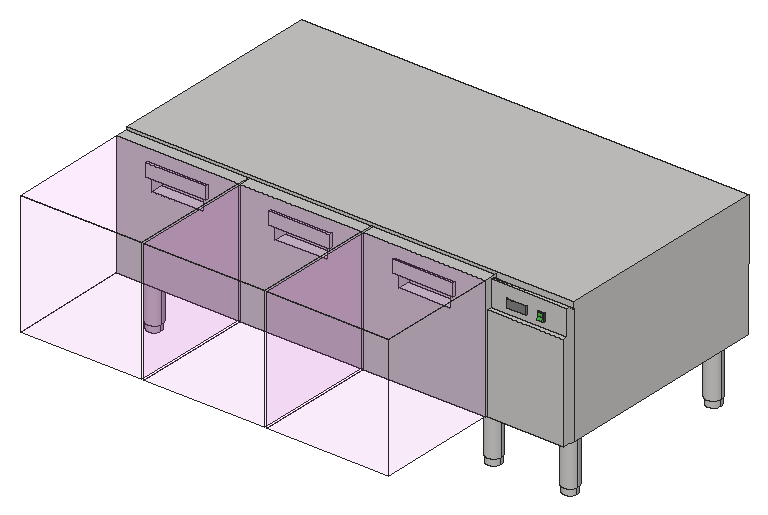
Revit family "QF_ELECTROLUXPROFESSIONAL_391604_E9TTAPCOMKN", category Specialty Equipment, Revit 2018 (continued)
Lines and regions (mm)
  Split face 146
    outline origin (966.896, -448, 142.29) x (0, 0, -1) y (1, 0, 0)
      loop
        arc (-117.004, -234.4) -> (-121.004, -238.41) -> (-116.984, -242.399) r 4
        line (-116.984, -242.399) -> (-85.025, -242.399)
  Split face 147
    outline origin (978.896, -448, 142.29) x (0, 0, -1) y (1, 0, 0)
      loop
        arc (-85.025, -242.399) -> (-81.004, -238.41) -> (-85.004, -234.4) r 4
        line (-85.004, -234.4) -> (-117.004, -234.4)
        arc (-117.004, -234.4) -> (-121.004, -238.41) -> (-116.984, -242.399) r 4
        line (-116.984, -242.399) -> (-85.025, -242.399)
  Split face 148
    outline origin (990.896, -448, 142.29) x (0, 0, -1) y (1, 0, 0)
      loop
        arc (-85.025, -242.399) -> (-81.004, -238.41) -> (-85.004, -234.4) r 4
        line (-85.004, -234.4) -> (-117.004, -234.4)
        arc (-117.004, -234.4) -> (-121.004, -238.41) -> (-116.984, -242.399) r 4
        line (-116.984, -242.399) -> (-85.025, -242.399)
  Split face 149
    outline origin (1002.896, -448, 142.29) x (0, 0, -1) y (1, 0, 0)
      loop
        arc (-85.025, -242.399) -> (-81.004, -238.41) -> (-85.004, -234.4) r 4
        line (-85.004, -234.4) -> (-117.004, -234.4)
        arc (-117.004, -234.4) -> (-121.004, -238.41) -> (-116.984, -242.399) r 4
        line (-116.984, -242.399) -> (-85.025, -242.399)
  Split face 150
    outline origin (1014.896, -448, 142.29) x (0, 0, -1) y (1, 0, 0)
      loop
        arc (-85.025, -242.399) -> (-81.004, -238.41) -> (-85.004, -234.4) r 4
        line (-85.004, -234.4) -> (-117.004, -234.4)
        arc (-117.004, -234.4) -> (-121.004, -238.41) -> (-116.984, -242.399) r 4
        line (-116.984, -242.399) -> (-85.025, -242.399)
  Split face 151
    outline origin (787, -448, 142.29) x (0, 0, -1) y (1, 0, 0)
      loop
        arc (-85.025, -240.599) -> (-81.004, -236.61) -> (-85.004, -232.599) r 4
        line (-85.004, -232.599) -> (-117.004, -232.599)
        arc (-117.004, -232.599) -> (-121.004, -236.61) -> (-116.984, -240.599) r 4
        line (-116.984, -240.599) -> (-85.025, -240.599)
  symbolic lines, style "SpecialityEquipmentHiddenLines"
    curve 1: line (-799, 380, 0) -> (799, 380, 0)
    curve 2: line (-799, -448, 0) -> (-799, 380, 0)
    curve 3: line (799, -448, 0) -> (-799, -448, 0)
    curve 4: line (799, 380, 0) -> (799, -448, 0)
    curve 17: line (-799, -403, 0) -> (799, -403, 0)
  symbolic lines, style "QF_Door-Drawer Clearances"
    curve 5: line (-779, -448, 0) -> (-779, -573, 0)
    curve 6: line (-384.999, -573, 0) -> (-384.999, -448, 0)
    curve 7: line (-336.669, -448, 0) -> (-336.669, -573, 0)
    curve 8: line (57.331, -573, 0) -> (57.331, -448, 0)
    curve 9: line (-799, -573, 0) -> (-364.999, -573, 0)
    curve 10: line (-356.669, -573, 0) -> (77.331, -573, 0)
    curve 11: line (-799, -613, 0) -> (-364.999, -613, 0)
    curve 12: line (-356.669, -613, 0) -> (77.331, -613, 0)
    curve 13: line (-364.999, -613, 0) -> (-364.999, -573, 0)
    curve 14: line (-356.669, -573, 0) -> (-356.669, -613, 0)
    curve 15: line (-799, -573, 0) -> (-799, -613, 0)
    curve 16: line (77.331, -613, 0) -> (77.331, -573, 0)
    curve 18: line (105.661, -448, 0) -> (105.661, -573, 0)
    curve 19: line (499.661, -573, 0) -> (499.661, -448, 0)
    curve 20: line (85.661, -573, 0) -> (519.661, -573, 0)
    curve 21: line (85.661, -613, 0) -> (519.661, -613, 0)
    curve 22: line (85.661, -573, 0) -> (85.661, -613, 0)
    curve 23: line (519.661, -613, 0) -> (519.661, -573, 0)
Dimensions and locks
  plane 4 to level = 200 mm
  plane 5 "TOP" to level = 650 mm
  plane 5 "TOP" to plane 4 = 450 mm
  equal spacing: plane 8 "LEFT", plane 3 "Centro (Sinistra/Destra)", plane 9 "RIGHT"
  plane 8 "LEFT" to plane 9 "RIGHT" = 1600 mm
  equal spacing: plane 6 "BACK", plane 1 "Center X", plane 7 "FRONT"
  plane 6 "BACK" to plane 7 "FRONT" = 900 mm
  plane 6 "BACK" to plane 10 = 853 mm
  locked: plane 10 to plane 11 at 45
  locked: plane 8 "LEFT" to plane 12 at 55
  locked: plane 13 to plane 9 "RIGHT" at 55
  plane 12 to plane 14 = 1216 mm
  locked: plane 22 to plane 15 at 88
  locked: plane 16 to plane 11 at 98
  locked: plane 19 to plane 9 "RIGHT" at 1
  locked: plane 8 "LEFT" to plane 18 at 1
  plane 19 to plane 17 = 513 mm
  locked: plane 6 "BACK" to plane 20 at 160
  locked: plane 21 to plane 9 "RIGHT" at 40
  locked: plane 6 "BACK" to plane 22 at 70
  locked: plane 11 to plane 7 "FRONT" at 2
  plane 15 to plane 22 = 88 mm
  plane 11 to plane 16 = 98 mm
  plane 12 to plane 8 "LEFT" = 55 mm
  plane 14 to plane 12 = 1216 mm
  aligned and locked: level to plane 2
  aligned and locked: plane 12 to nested 1
  aligned and locked: nested 1 to plane 16
  aligned and locked: nested 2 to plane 15
  aligned and locked: plane 14 to nested 3
  aligned and locked: nested 4 to plane 14
  aligned and locked: plane 13 to nested 5
  aligned and locked: nested 6 to plane 13
  aligned and locked: Extrusion 1 sketch curve to plane 10
  aligned and locked: Extrusion 2 to plane 11
  aligned and locked: plane 4 to Extrusion 5
  aligned and locked: Extrusion 1 to plane 22
  aligned and locked: plane 15 to nested 6
  aligned and locked: plane 15 to nested 4
  aligned and locked: plane 16 to nested 5
  aligned and locked: plane 16 to nested 3
  aligned and locked: nested 2 to plane 12
Automatic sketch dimensions
  Extrusion 5 sketch curve to plane 20 = 30 mm
  Extrusion 5 sketch curve to plane 21 = 0 mm
  curve 1 to plane 18 = 0 mm
  curve 11 to plane 18 = 0 mm
  curve 5 to plane 11 = 0 mm
  curve 1 to plane 19 = 0 mm
  plane 10 to curve 17 = 0 mm
  curve 2 to plane 22 = 0 mm
  curve 11 to plane 7 "FRONT" = 163 mm
  curve 11 to plane 3 "Centro (Sinistra/Destra)" = 364.999 mm
  curve 11 to curve 12 = 8.33 mm
  plane 3 "Centro (Sinistra/Destra)" to curve 16 = 77.331 mm
  curve 10 to curve 20 = 8.33 mm
  plane 14 to curve 23 = 48.661 mm
  curve 21 to plane 7 "FRONT" = 163 mm
  curve 11 to curve 14 = 0 mm
  curve 12 to curve 16 = 40 mm
  curve 11 to curve 9 = 40 mm
  curve 10 to curve 20 = 0 mm
  curve 2 to curve 5 = 20 mm
  curve 6 to curve 9 = 20 mm
  curve 6 to curve 7 = 48.33 mm
  plane 3 "Centro (Sinistra/Destra)" to curve 8 = 57.331 mm
  curve 20 to curve 18 = 20 mm
  curve 19 to curve 20 = 20 mm
  Extrusion 1 sketch curve to plane 19 = 0 mm
  Extrusion 1 sketch curve to plane 18 = 0 mm
  plane 22 to Extrusion 1 sketch curve = 0 mm
  Extrusion 2 sketch curve to plane 18 = 0 mm
  plane 12 to Extrusion 2 sketch curve = 69.7 mm
  Extrusion 2 sketch curve to Extrusion 2 sketch curve = 186.601 mm
  Extrusion 2 sketch curve to plane 5 "TOP" = 9.006 mm
  Extrusion 2 sketch curve to Extrusion 2 sketch curve = 123.7 mm
  Extrusion 2 sketch curve to plane 5 "TOP" = 65 mm
  Extrusion 2 sketch curve to Extrusion 2 sketch curve = 78.294 mm
  plane 4 to Extrusion 2 sketch curve = 1.587 mm
  Extrusion 2 to Extrusion 3 sketch curve = 0 mm
  Extrusion 3 sketch curve to Extrusion 2 = 0 mm  (x3)
  Extrusion 4 sketch curve to Extrusion 2 = 15 mm  (x2)
  Extrusion 2 to Extrusion 4 sketch curve = 31.031 mm
  Extrusion 4 sketch curve to Extrusion 2 = 13.969 mm
  Extrusion 6 sketch curve to plane 11 = 0 mm
  Extrusion 6 sketch curve to plane 4 = 0 mm
  Extrusion 6 sketch curve to plane 10 = 0 mm
  plane 11 to Extrusion 6 sketch curve = 16.901 mm
  Extrusion 6 sketch curve to Extrusion 6 sketch curve = 11.336 mm
  plane 4 to Extrusion 6 sketch curve = 4.796 mm
  Extrusion 6 sketch curve to plane 10 = 15.163 mm
  Extrusion 6 sketch curve to plane 10 = 5.442 mm
  Extrusion 6 sketch curve to plane 5 "TOP" = 100.204 mm
  Extrusion 6 sketch curve to plane 5 "TOP" = 20.473 mm
  Extrusion 6 sketch curve to plane 5 "TOP" = 9.006 mm
  Extrusion 6 to Extrusion 7 sketch curve = 42.198 mm
  Extrusion 7 sketch curve to Extrusion 6 = 20 mm
  Extrusion 6 to Extrusion 7 sketch curve = 102.899 mm
  Extrusion 7 sketch curve to Extrusion 7 sketch curve = 22 mm
  Extrusion 6 to Extrusion 8 sketch curve = 42.198 mm
  Extrusion 8 sketch curve to Extrusion 6 = 20 mm
  Extrusion 6 to Extrusion 8 sketch curve = 54.901 mm
  Extrusion 8 sketch curve to Extrusion 8 sketch curve = 70 mm
  Split face 1 sketch curve to Extrusion 8 = 5 mm
  Split face 1 sketch curve to Extrusion 8 = 9 mm
  Split face 1 sketch curve to Extrusion 8 = 10 mm  (x2)
  Split face 2 sketch curve to Extrusion 8 = 12.5 mm
  Split face 2 sketch curve to Extrusion 8 = 7 mm
  Split face 3 sketch curve to Extrusion 8 = 7.5 mm
  Split face 3 sketch curve to Extrusion 8 = 7 mm
  Split face 4 sketch curve to Extrusion 8 = 11.5 mm
  Split face 4 sketch curve to Extrusion 8 = 7 mm
  Split face 5 sketch curve to Extrusion 8 = 7.5 mm
  Split face 5 sketch curve to Extrusion 8 = 7 mm
  Split face 6 sketch curve to Extrusion 8 = 12.5 mm
  Split face 6 sketch curve to Extrusion 8 = 7 mm
  Split face 7 sketch curve to Extrusion 8 = 11.5 mm
  Split face 7 sketch curve to Extrusion 8 = 7 mm
  Split face 8 sketch curve to Extrusion 8 = 7.047 mm
  Split face 8 sketch curve to Extrusion 8 = 2.047 mm
  Split face 8 sketch curve to Extrusion 8 = 10 mm
  Split face 8 sketch curve to Split face 8 sketch curve = 11 mm
  Split face 9 sketch curve to Extrusion 8 = 7.047 mm
  Split face 9 sketch curve to Extrusion 8 = 2.047 mm
  Split face 9 sketch curve to Extrusion 8 = 23 mm
  Split face 9 sketch curve to Split face 9 sketch curve = 11 mm
  Split face 10 sketch curve to Extrusion 8 = 7.047 mm
  Split face 10 sketch curve to Extrusion 8 = 2.047 mm
  Split face 10 sketch curve to Extrusion 8 = 34 mm
  Split face 10 sketch curve to Split face 10 sketch curve = 11 mm
  Split face 11 sketch curve to Extrusion 8 = 7.047 mm
  Split face 11 sketch curve to Extrusion 8 = 2.047 mm
  Split face 11 sketch curve to Extrusion 8 = 21 mm
  Split face 11 sketch curve to Extrusion 8 = 10 mm
  Extrusion 9 sketch curve to Extrusion 9 sketch curve = 0 mm  (x3)
  Extrusion 9 sketch curve to Extrusion 7 = 0 mm
  Extrusion 7 to Extrusion 9 sketch curve = 2.279 mm
  Extrusion 9 sketch curve to Extrusion 9 sketch curve = 0.116 mm
  Extrusion 9 sketch curve to Extrusion 9 sketch curve = 12.105 mm
  Extrusion 7 to Extrusion 9 sketch curve = 3.692 mm
  Extrusion 7 to Extrusion 9 sketch curve = 2.395 mm
  Split face 12 sketch curve to Extrusion 6 = 20.5 mm
  Split face 12 sketch curve to Split face 12 sketch curve = 0.02 mm  (x2)
  Split face 12 sketch curve to Split face 12 sketch curve = 31.959 mm
  Split face 12 sketch curve to Extrusion 6 = 30.401 mm
  Split face 12 sketch curve to Split face 12 sketch curve = 4 mm
  Split face 13 sketch curve to Extrusion 6 = 20.5 mm
  Split face 13 sketch curve to Split face 13 sketch curve = 0.02 mm  (x2)
  Split face 13 sketch curve to Split face 13 sketch curve = 31.959 mm
  Split face 13 sketch curve to Extrusion 6 = 42.4 mm
  Split face 13 sketch curve to Split face 13 sketch curve = 4 mm
  Split face 14 sketch curve to Extrusion 6 = 20.5 mm
  Split face 14 sketch curve to Split face 14 sketch curve = 0.02 mm  (x2)
  Split face 14 sketch curve to Split face 14 sketch curve = 31.959 mm
  Split face 14 sketch curve to Extrusion 6 = 54.4 mm
  Split face 14 sketch curve to Split face 14 sketch curve = 4 mm
  Split face 15 sketch curve to Extrusion 6 = 20.5 mm
  Split face 15 sketch curve to Split face 15 sketch curve = 0.02 mm  (x2)
  Split face 15 sketch curve to Split face 15 sketch curve = 31.959 mm
  Split face 15 sketch curve to Extrusion 6 = 66.297 mm
  Split face 15 sketch curve to Split face 15 sketch curve = 4 mm
  Split face 16 sketch curve to Extrusion 6 = 20.5 mm
  Split face 16 sketch curve to Split face 16 sketch curve = 0.02 mm  (x2)
  Split face 16 sketch curve to Split face 16 sketch curve = 31.959 mm
  Split face 16 sketch curve to Extrusion 6 = 78.297 mm
  Split face 16 sketch curve to Split face 16 sketch curve = 4 mm
  Split face 17 sketch curve to Extrusion 6 = 20.5 mm
  Split face 17 sketch curve to Split face 17 sketch curve = 0.02 mm  (x2)
  Split face 17 sketch curve to Split face 17 sketch curve = 31.959 mm
  Split face 17 sketch curve to Extrusion 6 = 90.297 mm
  Split face 17 sketch curve to Split face 17 sketch curve = 4 mm
  Split face 18 sketch curve to Extrusion 6 = 20.5 mm
  Split face 18 sketch curve to Split face 18 sketch curve = 0.02 mm  (x2)
  Split face 18 sketch curve to Split face 18 sketch curve = 31.959 mm
  Split face 18 sketch curve to Extrusion 6 = 102.297 mm
  Split face 18 sketch curve to Split face 18 sketch curve = 4 mm
  Split face 19 sketch curve to Extrusion 6 = 20.5 mm
  Split face 19 sketch curve to Split face 19 sketch curve = 0.02 mm  (x2)
  Split face 19 sketch curve to Split face 19 sketch curve = 31.959 mm
  Split face 19 sketch curve to Extrusion 6 = 114.297 mm
  Split face 19 sketch curve to Split face 19 sketch curve = 4 mm
  Split face 20 sketch curve to Extrusion 6 = 20.5 mm
  Split face 20 sketch curve to Split face 20 sketch curve = 0.02 mm  (x2)
  Split face 20 sketch curve to Split face 20 sketch curve = 31.959 mm
  Split face 20 sketch curve to Extrusion 6 = 126.297 mm
  Split face 20 sketch curve to Split face 20 sketch curve = 4 mm
  Split face 21 sketch curve to Extrusion 6 = 20.5 mm
  Split face 21 sketch curve to Split face 21 sketch curve = 0.02 mm  (x2)
  Split face 21 sketch curve to Split face 21 sketch curve = 31.959 mm
  Split face 21 sketch curve to Extrusion 6 = 134.503 mm
  Split face 21 sketch curve to Split face 21 sketch curve = 4 mm
  Split face 22 sketch curve to Extrusion 6 = 20.5 mm
  Split face 22 sketch curve to Split face 22 sketch curve = 0.02 mm  (x2)
  Split face 22 sketch curve to Split face 22 sketch curve = 31.959 mm
  Split face 22 sketch curve to Extrusion 6 = 122.504 mm
  Split face 22 sketch curve to Split face 22 sketch curve = 4 mm
  Split face 23 sketch curve to Extrusion 6 = 20.5 mm
  Split face 23 sketch curve to Split face 23 sketch curve = 0.02 mm  (x2)
  Split face 23 sketch curve to Split face 23 sketch curve = 31.959 mm
  Split face 23 sketch curve to Extrusion 6 = 110.503 mm
  Split face 23 sketch curve to Split face 23 sketch curve = 4 mm
  Split face 24 sketch curve to Extrusion 6 = 20.5 mm
  Split face 24 sketch curve to Split face 24 sketch curve = 0.02 mm  (x2)
  Split face 24 sketch curve to Split face 24 sketch curve = 31.959 mm
  Split face 24 sketch curve to Extrusion 6 = 98.503 mm
  Split face 24 sketch curve to Split face 24 sketch curve = 4 mm
  Split face 25 sketch curve to Extrusion 6 = 20.5 mm
  Split face 25 sketch curve to Split face 25 sketch curve = 0.02 mm  (x2)
  Split face 25 sketch curve to Split face 25 sketch curve = 31.959 mm
  Split face 25 sketch curve to Extrusion 6 = 86.503 mm
  Split face 25 sketch curve to Split face 25 sketch curve = 4 mm
  Split face 26 sketch curve to Extrusion 6 = 20.5 mm
  Split face 26 sketch curve to Split face 26 sketch curve = 0.02 mm  (x2)
  Split face 26 sketch curve to Split face 26 sketch curve = 31.959 mm
  Split face 26 sketch curve to Extrusion 6 = 74.504 mm
  Split face 26 sketch curve to Split face 26 sketch curve = 4 mm
  Split face 27 sketch curve to Extrusion 6 = 20.5 mm
  Split face 27 sketch curve to Split face 27 sketch curve = 0.02 mm  (x2)
  Split face 27 sketch curve to Split face 27 sketch curve = 31.959 mm
  Split face 27 sketch curve to Extrusion 6 = 62.503 mm
  Split face 27 sketch curve to Split face 27 sketch curve = 4 mm
  Split face 28 sketch curve to Extrusion 6 = 20.5 mm
  Split face 28 sketch curve to Split face 28 sketch curve = 0.02 mm  (x2)
  Split face 28 sketch curve to Split face 28 sketch curve = 31.959 mm
  Split face 28 sketch curve to Extrusion 6 = 50.504 mm
  Split face 28 sketch curve to Split face 28 sketch curve = 4 mm
  Split face 29 sketch curve to Extrusion 6 = 20.5 mm
  Split face 29 sketch curve to Split face 29 sketch curve = 0.02 mm  (x2)
  Split face 29 sketch curve to Split face 29 sketch curve = 31.959 mm
  Split face 29 sketch curve to Extrusion 6 = 38.504 mm
  Split face 29 sketch curve to Split face 29 sketch curve = 4 mm
  Split face 30 sketch curve to Extrusion 6 = 20.5 mm
  Split face 30 sketch curve to Split face 30 sketch curve = 0.02 mm  (x2)
  Split face 30 sketch curve to Split face 30 sketch curve = 31.959 mm
  Split face 30 sketch curve to Extrusion 6 = 26.504 mm
  Split face 30 sketch curve to Split face 30 sketch curve = 4 mm
  Split face 31 sketch curve to Extrusion 6 = 20.5 mm
  Split face 31 sketch curve to Split face 31 sketch curve = 0.02 mm  (x2)
  Split face 31 sketch curve to Split face 31 sketch curve = 31.959 mm
  Split face 31 sketch curve to Extrusion 6 = 18.401 mm
  Split face 31 sketch curve to Split face 31 sketch curve = 4 mm
  Split face 32 sketch curve to Extrusion 6 = 65.502 mm
  Split face 32 sketch curve to Split face 32 sketch curve = 0.02 mm  (x2)
  Split face 32 sketch curve to Split face 32 sketch curve = 31.959 mm
  Split face 32 sketch curve to Extrusion 6 = 30.401 mm
  Split face 32 sketch curve to Split face 32 sketch curve = 4 mm
  Split face 33 sketch curve to Extrusion 6 = 65.502 mm
  Split face 33 sketch curve to Split face 33 sketch curve = 0.02 mm  (x2)
  Split face 33 sketch curve to Split face 33 sketch curve = 31.959 mm
  Split face 33 sketch curve to Extrusion 6 = 42.4 mm
  Split face 33 sketch curve to Split face 33 sketch curve = 4 mm
  Split face 34 sketch curve to Extrusion 6 = 65.502 mm
  Split face 34 sketch curve to Split face 34 sketch curve = 0.02 mm  (x2)
  Split face 34 sketch curve to Split face 34 sketch curve = 31.959 mm
  Split face 34 sketch curve to Extrusion 6 = 54.4 mm
  Split face 34 sketch curve to Split face 34 sketch curve = 4 mm
  Split face 35 sketch curve to Extrusion 6 = 65.502 mm
  Split face 35 sketch curve to Split face 35 sketch curve = 0.02 mm  (x2)
  Split face 35 sketch curve to Split face 35 sketch curve = 31.959 mm
  Split face 35 sketch curve to Extrusion 6 = 66.297 mm
  Split face 35 sketch curve to Split face 35 sketch curve = 4 mm
  Split face 36 sketch curve to Extrusion 6 = 65.502 mm
  Split face 36 sketch curve to Split face 36 sketch curve = 0.02 mm  (x2)
  Split face 36 sketch curve to Split face 36 sketch curve = 31.959 mm
  Split face 36 sketch curve to Extrusion 6 = 78.297 mm
  Split face 36 sketch curve to Split face 36 sketch curve = 4 mm
  Split face 37 sketch curve to Extrusion 6 = 65.502 mm
  Split face 37 sketch curve to Split face 37 sketch curve = 0.02 mm  (x2)
  Split face 37 sketch curve to Split face 37 sketch curve = 31.959 mm
  Split face 37 sketch curve to Extrusion 6 = 90.297 mm
  Split face 37 sketch curve to Split face 37 sketch curve = 4 mm
  Split face 38 sketch curve to Extrusion 6 = 65.502 mm
  Split face 38 sketch curve to Split face 38 sketch curve = 0.02 mm  (x2)
  Split face 38 sketch curve to Split face 38 sketch curve = 31.959 mm
  Split face 38 sketch curve to Extrusion 6 = 102.297 mm
  Split face 38 sketch curve to Split face 38 sketch curve = 4 mm
  Split face 39 sketch curve to Extrusion 6 = 65.502 mm
  Split face 39 sketch curve to Split face 39 sketch curve = 0.02 mm  (x2)
  Split face 39 sketch curve to Split face 39 sketch curve = 31.959 mm
  Split face 39 sketch curve to Extrusion 6 = 114.297 mm
  Split face 39 sketch curve to Split face 39 sketch curve = 4 mm
  Split face 40 sketch curve to Extrusion 6 = 65.502 mm
  Split face 40 sketch curve to Split face 40 sketch curve = 0.02 mm  (x2)
  Split face 40 sketch curve to Split face 40 sketch curve = 31.959 mm
  Split face 40 sketch curve to Extrusion 6 = 126.297 mm
  Split face 40 sketch curve to Split face 40 sketch curve = 4 mm
  Split face 41 sketch curve to Extrusion 6 = 65.502 mm
  Split face 41 sketch curve to Split face 41 sketch curve = 0.02 mm  (x2)
  Split face 41 sketch curve to Split face 41 sketch curve = 31.959 mm
  Split face 41 sketch curve to Extrusion 6 = 134.503 mm
  Split face 41 sketch curve to Split face 41 sketch curve = 4 mm
  Split face 42 sketch curve to Extrusion 6 = 65.502 mm
  Split face 42 sketch curve to Split face 42 sketch curve = 0.02 mm  (x2)
  Split face 42 sketch curve to Split face 42 sketch curve = 31.959 mm
  Split face 42 sketch curve to Extrusion 6 = 122.504 mm
  Split face 42 sketch curve to Split face 42 sketch curve = 4 mm
  Split face 43 sketch curve to Extrusion 6 = 65.502 mm
  Split face 43 sketch curve to Split face 43 sketch curve = 0.02 mm  (x2)
  Split face 43 sketch curve to Split face 43 sketch curve = 31.959 mm
  Split face 43 sketch curve to Extrusion 6 = 110.503 mm
  Split face 43 sketch curve to Split face 43 sketch curve = 4 mm
  Split face 44 sketch curve to Extrusion 6 = 65.502 mm
  Split face 44 sketch curve to Split face 44 sketch curve = 0.02 mm  (x2)
  Split face 44 sketch curve to Split face 44 sketch curve = 31.959 mm
  Split face 44 sketch curve to Extrusion 6 = 98.503 mm
  Split face 44 sketch curve to Split face 44 sketch curve = 4 mm
  Split face 45 sketch curve to Extrusion 6 = 65.502 mm
  Split face 45 sketch curve to Split face 45 sketch curve = 0.02 mm  (x2)
  Split face 45 sketch curve to Split face 45 sketch curve = 31.959 mm
  Split face 45 sketch curve to Extrusion 6 = 86.503 mm
  Split face 45 sketch curve to Split face 45 sketch curve = 4 mm
  Split face 46 sketch curve to Extrusion 6 = 65.502 mm
  Split face 46 sketch curve to Split face 46 sketch curve = 0.02 mm  (x2)
  Split face 46 sketch curve to Split face 46 sketch curve = 31.959 mm
  Split face 46 sketch curve to Extrusion 6 = 74.504 mm
  Split face 46 sketch curve to Split face 46 sketch curve = 4 mm
  Split face 47 sketch curve to Extrusion 6 = 65.502 mm
  Split face 47 sketch curve to Split face 47 sketch curve = 0.02 mm  (x2)
  Split face 47 sketch curve to Split face 47 sketch curve = 31.959 mm
  Split face 47 sketch curve to Extrusion 6 = 62.503 mm
  Split face 47 sketch curve to Split face 47 sketch curve = 4 mm
  Split face 48 sketch curve to Extrusion 6 = 65.502 mm
  Split face 48 sketch curve to Split face 48 sketch curve = 0.02 mm  (x2)
  Split face 48 sketch curve to Split face 48 sketch curve = 31.959 mm
  Split face 48 sketch curve to Extrusion 6 = 50.504 mm
  Split face 48 sketch curve to Split face 48 sketch curve = 4 mm
  Split face 49 sketch curve to Extrusion 6 = 65.502 mm
  Split face 49 sketch curve to Split face 49 sketch curve = 0.02 mm  (x2)
  Split face 49 sketch curve to Split face 49 sketch curve = 31.959 mm
  Split face 49 sketch curve to Extrusion 6 = 38.504 mm
  Split face 49 sketch curve to Split face 49 sketch curve = 4 mm
  Split face 50 sketch curve to Extrusion 6 = 22.504 mm
  Split face 50 sketch curve to Extrusion 6 = 65.502 mm
  Split face 50 sketch curve to Split face 50 sketch curve = 0.02 mm  (x2)
  Split face 50 sketch curve to Split face 50 sketch curve = 31.959 mm
  Split face 50 sketch curve to Split face 50 sketch curve = 4 mm
  Split face 51 sketch curve to Extrusion 6 = 22.401 mm
  Split face 51 sketch curve to Extrusion 6 = 65.502 mm
  Split face 51 sketch curve to Split face 51 sketch curve = 0.02 mm  (x2)
  Split face 51 sketch curve to Split face 51 sketch curve = 31.959 mm
  Split face 51 sketch curve to Split face 51 sketch curve = 4 mm
  Split face 52 sketch curve to Extrusion 6 = 34.401 mm
  Split face 52 sketch curve to Extrusion 6 = 110.502 mm
  Split face 52 sketch curve to Split face 52 sketch curve = 0.02 mm  (x2)
  Split face 52 sketch curve to Split face 52 sketch curve = 31.959 mm
  Split face 52 sketch curve to Split face 52 sketch curve = 4 mm
  Split face 53 sketch curve to Extrusion 6 = 46.4 mm
  Split face 53 sketch curve to Extrusion 6 = 110.502 mm
  Split face 53 sketch curve to Split face 53 sketch curve = 0.02 mm  (x2)
  Split face 53 sketch curve to Split face 53 sketch curve = 31.959 mm
  Split face 53 sketch curve to Split face 53 sketch curve = 4 mm
  Split face 54 sketch curve to Extrusion 6 = 110.502 mm
  Split face 54 sketch curve to Split face 54 sketch curve = 0.02 mm  (x2)
  Split face 54 sketch curve to Split face 54 sketch curve = 31.959 mm
  Split face 54 sketch curve to Extrusion 6 = 54.4 mm
  Split face 54 sketch curve to Split face 54 sketch curve = 4 mm
  Split face 55 sketch curve to Extrusion 6 = 110.502 mm
  Split face 55 sketch curve to Split face 55 sketch curve = 0.02 mm  (x2)
  Split face 55 sketch curve to Split face 55 sketch curve = 31.959 mm
  Split face 55 sketch curve to Extrusion 6 = 66.297 mm
  Split face 55 sketch curve to Split face 55 sketch curve = 4 mm
  Split face 56 sketch curve to Extrusion 6 = 110.502 mm
  Split face 56 sketch curve to Split face 56 sketch curve = 0.02 mm  (x2)
  Split face 56 sketch curve to Split face 56 sketch curve = 31.959 mm
  Split face 56 sketch curve to Extrusion 6 = 78.297 mm
  Split face 56 sketch curve to Split face 56 sketch curve = 4 mm
  Split face 57 sketch curve to Extrusion 6 = 110.502 mm
  Split face 57 sketch curve to Split face 57 sketch curve = 0.02 mm  (x2)
  Split face 57 sketch curve to Split face 57 sketch curve = 31.959 mm
  Split face 57 sketch curve to Extrusion 6 = 90.297 mm
  Split face 57 sketch curve to Split face 57 sketch curve = 4 mm
  Split face 58 sketch curve to Extrusion 6 = 110.502 mm
  Split face 58 sketch curve to Split face 58 sketch curve = 0.02 mm  (x2)
  Split face 58 sketch curve to Split face 58 sketch curve = 31.959 mm
  Split face 58 sketch curve to Extrusion 6 = 102.297 mm
  Split face 58 sketch curve to Split face 58 sketch curve = 4 mm
  Split face 59 sketch curve to Extrusion 6 = 110.502 mm
  Split face 59 sketch curve to Split face 59 sketch curve = 0.02 mm  (x2)
  Split face 59 sketch curve to Split face 59 sketch curve = 31.959 mm
  Split face 59 sketch curve to Extrusion 6 = 114.297 mm
  Split face 59 sketch curve to Split face 59 sketch curve = 4 mm
  Split face 60 sketch curve to Extrusion 6 = 110.502 mm
  Split face 60 sketch curve to Split face 60 sketch curve = 0.02 mm  (x2)
  Split face 60 sketch curve to Split face 60 sketch curve = 31.959 mm
  Split face 60 sketch curve to Extrusion 6 = 126.297 mm
  Split face 60 sketch curve to Split face 60 sketch curve = 4 mm
  Split face 61 sketch curve to Extrusion 6 = 110.502 mm
  Split face 61 sketch curve to Split face 61 sketch curve = 0.02 mm  (x2)
  Split face 61 sketch curve to Split face 61 sketch curve = 31.959 mm
  Split face 61 sketch curve to Extrusion 6 = 134.503 mm
  Split face 61 sketch curve to Split face 61 sketch curve = 4 mm
  Split face 62 sketch curve to Extrusion 6 = 110.502 mm
  Split face 62 sketch curve to Split face 62 sketch curve = 0.02 mm  (x2)
  Split face 62 sketch curve to Split face 62 sketch curve = 31.959 mm
  Split face 62 sketch curve to Extrusion 6 = 122.504 mm
  Split face 62 sketch curve to Split face 62 sketch curve = 4 mm
  Split face 63 sketch curve to Extrusion 6 = 110.502 mm
  Split face 63 sketch curve to Split face 63 sketch curve = 0.02 mm  (x2)
  Split face 63 sketch curve to Split face 63 sketch curve = 31.959 mm
  Split face 63 sketch curve to Extrusion 6 = 110.503 mm
  Split face 63 sketch curve to Split face 63 sketch curve = 4 mm
  Split face 64 sketch curve to Extrusion 6 = 110.502 mm
  Split face 64 sketch curve to Split face 64 sketch curve = 0.02 mm  (x2)
  Split face 64 sketch curve to Split face 64 sketch curve = 31.959 mm
  Split face 64 sketch curve to Extrusion 6 = 98.503 mm
  Split face 64 sketch curve to Split face 64 sketch curve = 4 mm
  Split face 65 sketch curve to Extrusion 6 = 110.502 mm
  Split face 65 sketch curve to Split face 65 sketch curve = 0.02 mm  (x2)
  Split face 65 sketch curve to Split face 65 sketch curve = 31.959 mm
  Split face 65 sketch curve to Extrusion 6 = 86.503 mm
  Split face 65 sketch curve to Split face 65 sketch curve = 4 mm
  Split face 66 sketch curve to Extrusion 6 = 110.502 mm
  Split face 66 sketch curve to Split face 66 sketch curve = 0.02 mm  (x2)
  Split face 66 sketch curve to Split face 66 sketch curve = 31.959 mm
  Split face 66 sketch curve to Extrusion 6 = 74.504 mm
  Split face 66 sketch curve to Split face 66 sketch curve = 4 mm
  Split face 67 sketch curve to Extrusion 6 = 110.502 mm
  Split face 67 sketch curve to Split face 67 sketch curve = 0.02 mm  (x2)
  Split face 67 sketch curve to Split face 67 sketch curve = 31.959 mm
  Split face 67 sketch curve to Extrusion 6 = 62.503 mm
  Split face 67 sketch curve to Split face 67 sketch curve = 4 mm
  Split face 68 sketch curve to Extrusion 6 = 46.504 mm
  Split face 68 sketch curve to Extrusion 6 = 110.502 mm
  Split face 68 sketch curve to Split face 68 sketch curve = 0.02 mm  (x2)
  Split face 68 sketch curve to Split face 68 sketch curve = 31.959 mm
  Split face 68 sketch curve to Split face 68 sketch curve = 4 mm
  Split face 69 sketch curve to Extrusion 6 = 34.504 mm
  Split face 69 sketch curve to Extrusion 6 = 110.502 mm
  Split face 69 sketch curve to Split face 69 sketch curve = 0.02 mm  (x2)
  Split face 69 sketch curve to Split face 69 sketch curve = 31.959 mm
  Split face 69 sketch curve to Split face 69 sketch curve = 4 mm
  Split face 70 sketch curve to Extrusion 6 = 22.504 mm
  Split face 70 sketch curve to Extrusion 6 = 110.502 mm
  Split face 70 sketch curve to Split face 70 sketch curve = 0.02 mm  (x2)
  Split face 70 sketch curve to Split face 70 sketch curve = 31.959 mm
  Split face 70 sketch curve to Split face 70 sketch curve = 4 mm
  Split face 71 sketch curve to Extrusion 6 = 22.401 mm
  Split face 71 sketch curve to Extrusion 6 = 110.502 mm
  Split face 71 sketch curve to Split face 71 sketch curve = 0.02 mm  (x2)
  Split face 71 sketch curve to Split face 71 sketch curve = 31.959 mm
  Split face 71 sketch curve to Split face 71 sketch curve = 4 mm
  Split face 72 sketch curve to Extrusion 6 = 34.401 mm
  Split face 72 sketch curve to Extrusion 6 = 155.502 mm
  Split face 72 sketch curve to Split face 72 sketch curve = 0.02 mm  (x2)
  Split face 72 sketch curve to Split face 72 sketch curve = 31.959 mm
  Split face 72 sketch curve to Split face 72 sketch curve = 4 mm
  Split face 73 sketch curve to Extrusion 6 = 46.4 mm
  Split face 73 sketch curve to Extrusion 6 = 155.502 mm
  Split face 73 sketch curve to Split face 73 sketch curve = 0.02 mm  (x2)
  Split face 73 sketch curve to Split face 73 sketch curve = 31.959 mm
  Split face 73 sketch curve to Split face 73 sketch curve = 4 mm
  Split face 74 sketch curve to Extrusion 6 = 58.4 mm
  Split face 74 sketch curve to Extrusion 6 = 155.502 mm
  Split face 74 sketch curve to Split face 74 sketch curve = 0.02 mm  (x2)
  Split face 74 sketch curve to Split face 74 sketch curve = 31.959 mm
  Split face 74 sketch curve to Split face 74 sketch curve = 4 mm
  Split face 75 sketch curve to Extrusion 6 = 70.297 mm
  Split face 75 sketch curve to Extrusion 6 = 155.502 mm
  Split face 75 sketch curve to Split face 75 sketch curve = 0.02 mm  (x2)
  Split face 75 sketch curve to Split face 75 sketch curve = 31.959 mm
  Split face 75 sketch curve to Split face 75 sketch curve = 4 mm
  Split face 76 sketch curve to Extrusion 6 = 155.502 mm
  Split face 76 sketch curve to Split face 76 sketch curve = 0.02 mm  (x2)
  Split face 76 sketch curve to Split face 76 sketch curve = 31.959 mm
  Split face 76 sketch curve to Extrusion 6 = 78.297 mm
  Split face 76 sketch curve to Split face 76 sketch curve = 4 mm
  Split face 77 sketch curve to Extrusion 6 = 155.502 mm
  Split face 77 sketch curve to Split face 77 sketch curve = 0.02 mm  (x2)
  Split face 77 sketch curve to Split face 77 sketch curve = 31.959 mm
  Split face 77 sketch curve to Extrusion 6 = 90.297 mm
  Split face 77 sketch curve to Split face 77 sketch curve = 4 mm
  Split face 78 sketch curve to Extrusion 6 = 155.502 mm
  Split face 78 sketch curve to Split face 78 sketch curve = 0.02 mm  (x2)
  Split face 78 sketch curve to Split face 78 sketch curve = 31.959 mm
  Split face 78 sketch curve to Extrusion 6 = 102.297 mm
  Split face 78 sketch curve to Split face 78 sketch curve = 4 mm
  Split face 79 sketch curve to Extrusion 6 = 155.502 mm
  Split face 79 sketch curve to Split face 79 sketch curve = 0.02 mm  (x2)
  Split face 79 sketch curve to Split face 79 sketch curve = 31.959 mm
  Split face 79 sketch curve to Extrusion 6 = 114.297 mm
  Split face 79 sketch curve to Split face 79 sketch curve = 4 mm
  Split face 80 sketch curve to Extrusion 6 = 155.502 mm
  Split face 80 sketch curve to Split face 80 sketch curve = 0.02 mm  (x2)
  Split face 80 sketch curve to Split face 80 sketch curve = 31.959 mm
  Split face 80 sketch curve to Extrusion 6 = 126.297 mm
  Split face 80 sketch curve to Split face 80 sketch curve = 4 mm
  Split face 81 sketch curve to Extrusion 6 = 155.502 mm
  Split face 81 sketch curve to Split face 81 sketch curve = 0.02 mm  (x2)
  Split face 81 sketch curve to Split face 81 sketch curve = 31.959 mm
  Split face 81 sketch curve to Extrusion 6 = 134.503 mm
  Split face 81 sketch curve to Split face 81 sketch curve = 4 mm
  Split face 82 sketch curve to Extrusion 6 = 155.502 mm
  Split face 82 sketch curve to Split face 82 sketch curve = 0.02 mm  (x2)
  Split face 82 sketch curve to Split face 82 sketch curve = 31.959 mm
  Split face 82 sketch curve to Extrusion 6 = 122.504 mm
  Split face 82 sketch curve to Split face 82 sketch curve = 4 mm
  Split face 83 sketch curve to Extrusion 6 = 155.502 mm
  Split face 83 sketch curve to Split face 83 sketch curve = 0.02 mm  (x2)
  Split face 83 sketch curve to Split face 83 sketch curve = 31.959 mm
  Split face 83 sketch curve to Extrusion 6 = 110.503 mm
  Split face 83 sketch curve to Split face 83 sketch curve = 4 mm
  Split face 84 sketch curve to Extrusion 6 = 155.502 mm
  Split face 84 sketch curve to Split face 84 sketch curve = 0.02 mm  (x2)
  Split face 84 sketch curve to Split face 84 sketch curve = 31.959 mm
  Split face 84 sketch curve to Extrusion 6 = 98.503 mm
  Split face 84 sketch curve to Split face 84 sketch curve = 4 mm
  Split face 85 sketch curve to Extrusion 6 = 155.502 mm
  Split face 85 sketch curve to Split face 85 sketch curve = 0.02 mm  (x2)
  Split face 85 sketch curve to Split face 85 sketch curve = 31.959 mm
  Split face 85 sketch curve to Extrusion 6 = 86.503 mm
  Split face 85 sketch curve to Split face 85 sketch curve = 4 mm
  Split face 86 sketch curve to Extrusion 6 = 70.504 mm
  Split face 86 sketch curve to Extrusion 6 = 155.502 mm
  Split face 86 sketch curve to Split face 86 sketch curve = 0.02 mm  (x2)
  Split face 86 sketch curve to Split face 86 sketch curve = 31.959 mm
  Split face 86 sketch curve to Split face 86 sketch curve = 4 mm
  Split face 87 sketch curve to Extrusion 6 = 58.503 mm
  Split face 87 sketch curve to Extrusion 6 = 155.502 mm
  Split face 87 sketch curve to Split face 87 sketch curve = 0.02 mm  (x2)
  Split face 87 sketch curve to Split face 87 sketch curve = 31.959 mm
  Split face 87 sketch curve to Split face 87 sketch curve = 4 mm
  Split face 88 sketch curve to Extrusion 6 = 46.504 mm
  Split face 88 sketch curve to Extrusion 6 = 155.502 mm
  Split face 88 sketch curve to Split face 88 sketch curve = 0.02 mm  (x2)
  Split face 88 sketch curve to Split face 88 sketch curve = 31.959 mm
  Split face 88 sketch curve to Split face 88 sketch curve = 4 mm
  Split face 89 sketch curve to Extrusion 6 = 34.504 mm
  Split face 89 sketch curve to Extrusion 6 = 155.502 mm
  Split face 89 sketch curve to Split face 89 sketch curve = 0.02 mm  (x2)
  Split face 89 sketch curve to Split face 89 sketch curve = 31.959 mm
  Split face 89 sketch curve to Split face 89 sketch curve = 4 mm
  Split face 90 sketch curve to Extrusion 6 = 22.504 mm
  Split face 90 sketch curve to Extrusion 6 = 155.502 mm
  Split face 90 sketch curve to Split face 90 sketch curve = 0.02 mm  (x2)
  Split face 90 sketch curve to Split face 90 sketch curve = 31.959 mm
  Split face 90 sketch curve to Split face 90 sketch curve = 4 mm
  Split face 91 sketch curve to Extrusion 6 = 22.401 mm
  Split face 91 sketch curve to Extrusion 6 = 155.502 mm
  Split face 91 sketch curve to Split face 91 sketch curve = 0.02 mm  (x2)
  Split face 91 sketch curve to Split face 91 sketch curve = 31.959 mm
  Split face 91 sketch curve to Split face 91 sketch curve = 4 mm
  Split face 92 sketch curve to Extrusion 6 = 34.401 mm
  Split face 92 sketch curve to Extrusion 6 = 144.498 mm
  Split face 92 sketch curve to Split face 92 sketch curve = 0.02 mm  (x2)
  Split face 92 sketch curve to Split face 92 sketch curve = 31.959 mm
  Split face 92 sketch curve to Split face 92 sketch curve = 4 mm
  Split face 93 sketch curve to Extrusion 6 = 46.4 mm
  Split face 93 sketch curve to Extrusion 6 = 144.498 mm
  Split face 93 sketch curve to Split face 93 sketch curve = 0.02 mm  (x2)
  Split face 93 sketch curve to Split face 93 sketch curve = 31.959 mm
  Split face 93 sketch curve to Split face 93 sketch curve = 4 mm
  Split face 94 sketch curve to Extrusion 6 = 58.4 mm
  Split face 94 sketch curve to Extrusion 6 = 144.498 mm
  Split face 94 sketch curve to Split face 94 sketch curve = 0.02 mm  (x2)
  Split face 94 sketch curve to Split face 94 sketch curve = 31.959 mm
  Split face 94 sketch curve to Split face 94 sketch curve = 4 mm
  Split face 95 sketch curve to Extrusion 6 = 70.297 mm
  Split face 95 sketch curve to Extrusion 6 = 144.498 mm
  Split face 95 sketch curve to Split face 95 sketch curve = 0.02 mm  (x2)
  Split face 95 sketch curve to Split face 95 sketch curve = 31.959 mm
  Split face 95 sketch curve to Split face 95 sketch curve = 4 mm
  Split face 96 sketch curve to Extrusion 6 = 144.498 mm
  Split face 96 sketch curve to Split face 96 sketch curve = 0.02 mm  (x2)
  Split face 96 sketch curve to Split face 96 sketch curve = 31.959 mm
  Split face 96 sketch curve to Extrusion 6 = 78.297 mm
  Split face 96 sketch curve to Split face 96 sketch curve = 4 mm
  Split face 97 sketch curve to Extrusion 6 = 144.498 mm
  Split face 97 sketch curve to Split face 97 sketch curve = 0.02 mm  (x2)
  Split face 97 sketch curve to Split face 97 sketch curve = 31.959 mm
  Split face 97 sketch curve to Extrusion 6 = 90.297 mm
  Split face 97 sketch curve to Split face 97 sketch curve = 4 mm
  Split face 98 sketch curve to Extrusion 6 = 144.498 mm
  Split face 98 sketch curve to Split face 98 sketch curve = 0.02 mm  (x2)
  Split face 98 sketch curve to Split face 98 sketch curve = 31.959 mm
  Split face 98 sketch curve to Extrusion 6 = 102.297 mm
  Split face 98 sketch curve to Split face 98 sketch curve = 4 mm
  Split face 99 sketch curve to Extrusion 6 = 144.498 mm
  Split face 99 sketch curve to Split face 99 sketch curve = 0.02 mm  (x2)
  Split face 99 sketch curve to Split face 99 sketch curve = 31.959 mm
  Split face 99 sketch curve to Extrusion 6 = 114.297 mm
  Split face 99 sketch curve to Split face 99 sketch curve = 4 mm
  Split face 100 sketch curve to Extrusion 6 = 144.498 mm
  Split face 100 sketch curve to Split face 100 sketch curve = 0.02 mm  (x2)
  Split face 100 sketch curve to Split face 100 sketch curve = 31.959 mm
  Split face 100 sketch curve to Extrusion 6 = 126.297 mm
  Split face 100 sketch curve to Split face 100 sketch curve = 4 mm
  Split face 101 sketch curve to Extrusion 6 = 144.498 mm
  Split face 101 sketch curve to Split face 101 sketch curve = 0.02 mm  (x2)
  Split face 101 sketch curve to Split face 101 sketch curve = 31.959 mm
  Split face 101 sketch curve to Extrusion 6 = 134.503 mm
  Split face 101 sketch curve to Split face 101 sketch curve = 4 mm
  Split face 102 sketch curve to Extrusion 6 = 144.498 mm
  Split face 102 sketch curve to Split face 102 sketch curve = 0.02 mm  (x2)
  Split face 102 sketch curve to Split face 102 sketch curve = 31.959 mm
  Split face 102 sketch curve to Extrusion 6 = 122.504 mm
  Split face 102 sketch curve to Split face 102 sketch curve = 4 mm
  Split face 103 sketch curve to Extrusion 6 = 144.498 mm
  Split face 103 sketch curve to Split face 103 sketch curve = 0.02 mm  (x2)
  Split face 103 sketch curve to Split face 103 sketch curve = 31.959 mm
  Split face 103 sketch curve to Extrusion 6 = 110.503 mm
  Split face 103 sketch curve to Split face 103 sketch curve = 4 mm
  Split face 104 sketch curve to Extrusion 6 = 144.498 mm
  Split face 104 sketch curve to Split face 104 sketch curve = 0.02 mm  (x2)
  Split face 104 sketch curve to Split face 104 sketch curve = 31.959 mm
  Split face 104 sketch curve to Extrusion 6 = 98.503 mm
  Split face 104 sketch curve to Split face 104 sketch curve = 4 mm
  Split face 105 sketch curve to Extrusion 6 = 144.498 mm
  Split face 105 sketch curve to Split face 105 sketch curve = 0.02 mm  (x2)
  Split face 105 sketch curve to Split face 105 sketch curve = 31.959 mm
  Split face 105 sketch curve to Extrusion 6 = 86.503 mm
  Split face 105 sketch curve to Split face 105 sketch curve = 4 mm
  Split face 106 sketch curve to Extrusion 6 = 70.504 mm
  Split face 106 sketch curve to Extrusion 6 = 144.498 mm
  Split face 106 sketch curve to Split face 106 sketch curve = 0.02 mm  (x2)
  Split face 106 sketch curve to Split face 106 sketch curve = 31.959 mm
  Split face 106 sketch curve to Split face 106 sketch curve = 4 mm
  Split face 107 sketch curve to Extrusion 6 = 58.503 mm
  Split face 107 sketch curve to Extrusion 6 = 144.498 mm
  Split face 107 sketch curve to Split face 107 sketch curve = 0.02 mm  (x2)
  Split face 107 sketch curve to Split face 107 sketch curve = 31.959 mm
  Split face 107 sketch curve to Split face 107 sketch curve = 4 mm
  Split face 108 sketch curve to Extrusion 6 = 46.504 mm
  Split face 108 sketch curve to Extrusion 6 = 144.498 mm
  Split face 108 sketch curve to Split face 108 sketch curve = 0.02 mm  (x2)
  Split face 108 sketch curve to Split face 108 sketch curve = 31.959 mm
  Split face 108 sketch curve to Split face 108 sketch curve = 4 mm
  Split face 109 sketch curve to Extrusion 6 = 34.504 mm
  Split face 109 sketch curve to Extrusion 6 = 144.498 mm
  Split face 109 sketch curve to Split face 109 sketch curve = 0.02 mm  (x2)
  Split face 109 sketch curve to Split face 109 sketch curve = 31.959 mm
  Split face 109 sketch curve to Split face 109 sketch curve = 4 mm
  Split face 110 sketch curve to Extrusion 6 = 22.504 mm
  Split face 110 sketch curve to Extrusion 6 = 144.498 mm
  Split face 110 sketch curve to Split face 110 sketch curve = 0.02 mm  (x2)
  Split face 110 sketch curve to Split face 110 sketch curve = 31.959 mm
  Split face 110 sketch curve to Split face 110 sketch curve = 4 mm
  Split face 111 sketch curve to Extrusion 6 = 22.401 mm
  Split face 111 sketch curve to Extrusion 6 = 144.498 mm
  Split face 111 sketch curve to Split face 111 sketch curve = 0.02 mm  (x2)
  Split face 111 sketch curve to Split face 111 sketch curve = 31.959 mm
  Split face 111 sketch curve to Split face 111 sketch curve = 4 mm
  Split face 112 sketch curve to Extrusion 6 = 34.401 mm
  Split face 112 sketch curve to Extrusion 6 = 99.499 mm
  Split face 112 sketch curve to Split face 112 sketch curve = 0.02 mm  (x2)
  Split face 112 sketch curve to Split face 112 sketch curve = 31.959 mm
  Split face 112 sketch curve to Split face 112 sketch curve = 4 mm
  Split face 113 sketch curve to Extrusion 6 = 46.4 mm
  Split face 113 sketch curve to Extrusion 6 = 99.499 mm
  Split face 113 sketch curve to Split face 113 sketch curve = 0.02 mm  (x2)
  Split face 113 sketch curve to Split face 113 sketch curve = 31.959 mm
  Split face 113 sketch curve to Split face 113 sketch curve = 4 mm
  Split face 114 sketch curve to Extrusion 6 = 99.499 mm
  Split face 114 sketch curve to Split face 114 sketch curve = 0.02 mm  (x2)
  Split face 114 sketch curve to Split face 114 sketch curve = 31.959 mm
  Split face 114 sketch curve to Extrusion 6 = 54.4 mm
  Split face 114 sketch curve to Split face 114 sketch curve = 4 mm
  Split face 115 sketch curve to Extrusion 6 = 99.499 mm
  Split face 115 sketch curve to Split face 115 sketch curve = 0.02 mm  (x2)
  Split face 115 sketch curve to Split face 115 sketch curve = 31.959 mm
  Split face 115 sketch curve to Extrusion 6 = 66.297 mm
  Split face 115 sketch curve to Split face 115 sketch curve = 4 mm
  Split face 116 sketch curve to Extrusion 6 = 99.499 mm
  Split face 116 sketch curve to Split face 116 sketch curve = 0.02 mm  (x2)
  Split face 116 sketch curve to Split face 116 sketch curve = 31.959 mm
  Split face 116 sketch curve to Extrusion 6 = 78.297 mm
  Split face 116 sketch curve to Split face 116 sketch curve = 4 mm
  Split face 117 sketch curve to Extrusion 6 = 99.499 mm
  Split face 117 sketch curve to Split face 117 sketch curve = 0.02 mm  (x2)
  Split face 117 sketch curve to Split face 117 sketch curve = 31.959 mm
  Split face 117 sketch curve to Extrusion 6 = 90.297 mm
  Split face 117 sketch curve to Split face 117 sketch curve = 4 mm
  Split face 118 sketch curve to Extrusion 6 = 99.499 mm
  Split face 118 sketch curve to Split face 118 sketch curve = 0.02 mm  (x2)
  Split face 118 sketch curve to Split face 118 sketch curve = 31.959 mm
  Split face 118 sketch curve to Extrusion 6 = 102.297 mm
  Split face 118 sketch curve to Split face 118 sketch curve = 4 mm
  Split face 119 sketch curve to Extrusion 6 = 99.499 mm
  Split face 119 sketch curve to Split face 119 sketch curve = 0.02 mm  (x2)
  Split face 119 sketch curve to Split face 119 sketch curve = 31.959 mm
  Split face 119 sketch curve to Extrusion 6 = 114.297 mm
  Split face 119 sketch curve to Split face 119 sketch curve = 4 mm
  Split face 120 sketch curve to Extrusion 6 = 99.499 mm
  Split face 120 sketch curve to Split face 120 sketch curve = 0.02 mm  (x2)
  Split face 120 sketch curve to Split face 120 sketch curve = 31.959 mm
  Split face 120 sketch curve to Extrusion 6 = 126.297 mm
  Split face 120 sketch curve to Split face 120 sketch curve = 4 mm
  Split face 121 sketch curve to Extrusion 6 = 99.499 mm
  Split face 121 sketch curve to Split face 121 sketch curve = 0.02 mm  (x2)
  Split face 121 sketch curve to Split face 121 sketch curve = 31.959 mm
  Split face 121 sketch curve to Extrusion 6 = 134.503 mm
  Split face 121 sketch curve to Split face 121 sketch curve = 4 mm
  Split face 122 sketch curve to Extrusion 6 = 99.499 mm
  Split face 122 sketch curve to Split face 122 sketch curve = 0.02 mm  (x2)
  Split face 122 sketch curve to Split face 122 sketch curve = 31.959 mm
  Split face 122 sketch curve to Extrusion 6 = 122.504 mm
  Split face 122 sketch curve to Split face 122 sketch curve = 4 mm
  Split face 123 sketch curve to Extrusion 6 = 99.499 mm
  Split face 123 sketch curve to Split face 123 sketch curve = 0.02 mm  (x2)
  Split face 123 sketch curve to Split face 123 sketch curve = 31.959 mm
  Split face 123 sketch curve to Extrusion 6 = 110.503 mm
  Split face 123 sketch curve to Split face 123 sketch curve = 4 mm
  Split face 124 sketch curve to Extrusion 6 = 99.499 mm
  Split face 124 sketch curve to Split face 124 sketch curve = 0.02 mm  (x2)
  Split face 124 sketch curve to Split face 124 sketch curve = 31.959 mm
  Split face 124 sketch curve to Extrusion 6 = 98.503 mm
  Split face 124 sketch curve to Split face 124 sketch curve = 4 mm
  Split face 125 sketch curve to Extrusion 6 = 99.499 mm
  Split face 125 sketch curve to Split face 125 sketch curve = 0.02 mm  (x2)
  Split face 125 sketch curve to Split face 125 sketch curve = 31.959 mm
  Split face 125 sketch curve to Extrusion 6 = 86.503 mm
  Split face 125 sketch curve to Split face 125 sketch curve = 4 mm
  Split face 126 sketch curve to Extrusion 6 = 99.499 mm
  Split face 126 sketch curve to Split face 126 sketch curve = 0.02 mm  (x2)
  Split face 126 sketch curve to Split face 126 sketch curve = 31.959 mm
  Split face 126 sketch curve to Extrusion 6 = 74.504 mm
  Split face 126 sketch curve to Split face 126 sketch curve = 4 mm
  Split face 127 sketch curve to Extrusion 6 = 99.499 mm
  Split face 127 sketch curve to Split face 127 sketch curve = 0.02 mm  (x2)
  Split face 127 sketch curve to Split face 127 sketch curve = 31.959 mm
  Split face 127 sketch curve to Extrusion 6 = 62.503 mm
  Split face 127 sketch curve to Split face 127 sketch curve = 4 mm
  Split face 128 sketch curve to Extrusion 6 = 46.504 mm
  Split face 128 sketch curve to Extrusion 6 = 99.499 mm
  Split face 128 sketch curve to Split face 128 sketch curve = 0.02 mm  (x2)
  Split face 128 sketch curve to Split face 128 sketch curve = 31.959 mm
  Split face 128 sketch curve to Split face 128 sketch curve = 4 mm
  Split face 129 sketch curve to Extrusion 6 = 34.504 mm
  Split face 129 sketch curve to Extrusion 6 = 99.499 mm
  Split face 129 sketch curve to Split face 129 sketch curve = 0.02 mm  (x2)
  Split face 129 sketch curve to Split face 129 sketch curve = 31.959 mm
  Split face 129 sketch curve to Split face 129 sketch curve = 4 mm
  Split face 130 sketch curve to Extrusion 6 = 22.504 mm
  Split face 130 sketch curve to Extrusion 6 = 99.499 mm
  Split face 130 sketch curve to Split face 130 sketch curve = 0.02 mm  (x2)
  Split face 130 sketch curve to Split face 130 sketch curve = 31.959 mm
  Split face 130 sketch curve to Split face 130 sketch curve = 4 mm
  Split face 131 sketch curve to Extrusion 6 = 22.401 mm
  Split face 131 sketch curve to Extrusion 6 = 99.499 mm
  Split face 131 sketch curve to Split face 131 sketch curve = 0.02 mm  (x2)
  Split face 131 sketch curve to Split face 131 sketch curve = 31.959 mm
  Split face 131 sketch curve to Split face 131 sketch curve = 4 mm
  Split face 132 sketch curve to Extrusion 6 = 54.499 mm
  Split face 132 sketch curve to Split face 132 sketch curve = 0.02 mm  (x2)
  Split face 132 sketch curve to Extrusion 6 = 22.519 mm
  Split face 132 sketch curve to Extrusion 6 = 30.401 mm
  Split face 132 sketch curve to Split face 132 sketch curve = 4 mm
  Split face 133 sketch curve to Extrusion 6 = 54.499 mm
  Split face 133 sketch curve to Split face 133 sketch curve = 0.02 mm  (x2)
  Split face 133 sketch curve to Extrusion 6 = 22.519 mm
  Split face 133 sketch curve to Extrusion 6 = 42.4 mm
  Split face 133 sketch curve to Split face 133 sketch curve = 4 mm
  Split face 134 sketch curve to Extrusion 6 = 54.499 mm
  Split face 134 sketch curve to Split face 134 sketch curve = 0.02 mm  (x2)
  Split face 134 sketch curve to Extrusion 6 = 22.519 mm
  Split face 134 sketch curve to Extrusion 6 = 54.4 mm
  Split face 134 sketch curve to Split face 134 sketch curve = 4 mm
  Split face 135 sketch curve to Extrusion 6 = 54.499 mm
  Split face 135 sketch curve to Split face 135 sketch curve = 0.02 mm  (x2)
  Split face 135 sketch curve to Extrusion 6 = 22.519 mm
  Split face 135 sketch curve to Extrusion 6 = 66.297 mm
  Split face 135 sketch curve to Split face 135 sketch curve = 4 mm
  Split face 136 sketch curve to Extrusion 6 = 54.499 mm
  Split face 136 sketch curve to Split face 136 sketch curve = 0.02 mm  (x2)
  Split face 136 sketch curve to Extrusion 6 = 22.519 mm
  Split face 136 sketch curve to Extrusion 6 = 78.297 mm
  Split face 136 sketch curve to Split face 136 sketch curve = 4 mm
  Split face 137 sketch curve to Extrusion 6 = 54.499 mm
  Split face 137 sketch curve to Split face 137 sketch curve = 0.02 mm  (x2)
  Split face 137 sketch curve to Extrusion 6 = 22.519 mm
  Split face 137 sketch curve to Extrusion 6 = 90.297 mm
  Split face 137 sketch curve to Split face 137 sketch curve = 4 mm
  Split face 138 sketch curve to Extrusion 6 = 54.499 mm
  Split face 138 sketch curve to Split face 138 sketch curve = 0.02 mm  (x2)
  Split face 138 sketch curve to Extrusion 6 = 22.519 mm
  Split face 138 sketch curve to Extrusion 6 = 102.297 mm
  Split face 138 sketch curve to Split face 138 sketch curve = 4 mm
  Split face 139 sketch curve to Extrusion 6 = 54.499 mm
  Split face 139 sketch curve to Split face 139 sketch curve = 0.02 mm  (x2)
  Split face 139 sketch curve to Extrusion 6 = 22.519 mm
  Split face 139 sketch curve to Extrusion 6 = 114.297 mm
  Split face 139 sketch curve to Split face 139 sketch curve = 4 mm
  Split face 140 sketch curve to Extrusion 6 = 54.499 mm
  Split face 140 sketch curve to Split face 140 sketch curve = 0.02 mm  (x2)
  Split face 140 sketch curve to Extrusion 6 = 22.519 mm
  Split face 140 sketch curve to Extrusion 6 = 126.297 mm
  Split face 140 sketch curve to Split face 140 sketch curve = 4 mm
  Split face 141 sketch curve to Extrusion 6 = 54.499 mm
  Split face 141 sketch curve to Split face 141 sketch curve = 0.02 mm  (x2)
  Split face 141 sketch curve to Extrusion 6 = 22.519 mm
  Split face 141 sketch curve to Extrusion 6 = 134.503 mm
  Split face 141 sketch curve to Split face 141 sketch curve = 4 mm
  Split face 142 sketch curve to Extrusion 6 = 54.499 mm
  Split face 142 sketch curve to Split face 142 sketch curve = 0.02 mm  (x2)
  Split face 142 sketch curve to Extrusion 6 = 22.519 mm
  Split face 142 sketch curve to Extrusion 6 = 122.504 mm
  Split face 142 sketch curve to Split face 142 sketch curve = 4 mm
  Split face 143 sketch curve to Extrusion 6 = 54.499 mm
  Split face 143 sketch curve to Split face 143 sketch curve = 0.02 mm  (x2)
  Split face 143 sketch curve to Extrusion 6 = 22.519 mm
  Split face 143 sketch curve to Extrusion 6 = 110.503 mm
  Split face 143 sketch curve to Split face 143 sketch curve = 4 mm
  Split face 144 sketch curve to Extrusion 6 = 54.499 mm
  Split face 144 sketch curve to Split face 144 sketch curve = 0.02 mm  (x2)
  Split face 144 sketch curve to Extrusion 6 = 22.519 mm
  Split face 144 sketch curve to Extrusion 6 = 98.503 mm
  Split face 144 sketch curve to Split face 144 sketch curve = 4 mm
  Split face 145 sketch curve to Extrusion 6 = 54.499 mm
  Split face 145 sketch curve to Split face 145 sketch curve = 0.02 mm  (x2)
  Split face 145 sketch curve to Extrusion 6 = 22.519 mm
  Split face 145 sketch curve to Extrusion 6 = 86.503 mm
  Split face 145 sketch curve to Split face 145 sketch curve = 4 mm
  Split face 146 sketch curve to Extrusion 6 = 54.499 mm
  Split face 146 sketch curve to Split face 146 sketch curve = 0.02 mm  (x2)
  Split face 146 sketch curve to Extrusion 6 = 22.519 mm
  Split face 146 sketch curve to Extrusion 6 = 74.504 mm
  Split face 146 sketch curve to Split face 146 sketch curve = 4 mm
  Split face 147 sketch curve to Extrusion 6 = 54.499 mm
  Split face 147 sketch curve to Split face 147 sketch curve = 0.02 mm  (x2)
  Split face 147 sketch curve to Extrusion 6 = 22.519 mm
  Split face 147 sketch curve to Extrusion 6 = 62.503 mm
  Split face 147 sketch curve to Split face 147 sketch curve = 4 mm
  Split face 148 sketch curve to Extrusion 6 = 54.499 mm
  Split face 148 sketch curve to Split face 148 sketch curve = 0.02 mm  (x2)
  Split face 148 sketch curve to Extrusion 6 = 22.519 mm
  Split face 148 sketch curve to Extrusion 6 = 50.504 mm
  Split face 148 sketch curve to Split face 148 sketch curve = 4 mm
  Split face 149 sketch curve to Extrusion 6 = 54.499 mm
  Split face 149 sketch curve to Split face 149 sketch curve = 0.02 mm  (x2)
  Split face 149 sketch curve to Extrusion 6 = 22.519 mm
  Split face 149 sketch curve to Extrusion 6 = 38.504 mm
  Split face 149 sketch curve to Split face 149 sketch curve = 4 mm
  Split face 150 sketch curve to Extrusion 6 = 22.504 mm
  Split face 150 sketch curve to Extrusion 6 = 54.499 mm
  Split face 150 sketch curve to Split face 150 sketch curve = 0.02 mm  (x2)
  Split face 150 sketch curve to Extrusion 6 = 22.519 mm
  Split face 150 sketch curve to Split face 150 sketch curve = 4 mm
  Split face 151 sketch curve to Extrusion 6 = 22.401 mm
  Split face 151 sketch curve to Extrusion 6 = 54.499 mm
  Split face 151 sketch curve to Split face 151 sketch curve = 0.02 mm  (x2)
  Split face 151 sketch curve to Extrusion 6 = 22.519 mm
  Split face 151 sketch curve to Split face 151 sketch curve = 4 mm
  plane 4 to Extrusion 10 sketch curve = 1.587 mm
  plane 3 "Centro (Sinistra/Destra)" to Extrusion 10 sketch curve = 77.331 mm
  Extrusion 10 sketch curve to plane 3 "Centro (Sinistra/Destra)" = 46.368 mm
  Extrusion 10 sketch curve to Extrusion 10 sketch curve = 186.601 mm
  Extrusion 10 sketch curve to Extrusion 10 sketch curve = 123.7 mm
  Extrusion 10 sketch curve to plane 5 "TOP" = 143.294 mm
  Extrusion 10 sketch curve to plane 5 "TOP" = 65 mm
  Extrusion 10 sketch curve to plane 5 "TOP" = 9.006 mm
  Extrusion 10 to Extrusion 11 sketch curve = 0 mm
  Extrusion 11 sketch curve to Extrusion 10 = 0 mm  (x3)
  Extrusion 12 sketch curve to Extrusion 10 = 15 mm  (x2)
  Extrusion 10 to Extrusion 12 sketch curve = 31.031 mm
  Extrusion 12 sketch curve to Extrusion 10 = 13.969 mm
  Extrusion 13 sketch curve to plane 5 "TOP" = 9.006 mm
  plane 14 to Extrusion 13 sketch curve = 48.661 mm
  Extrusion 13 sketch curve to plane 14 = 75.038 mm
  Extrusion 13 sketch curve to plane 17 = 76.639 mm
  plane 4 to Extrusion 13 sketch curve = 1.587 mm
  plane 3 "Centro (Sinistra/Destra)" to Extrusion 13 sketch curve = 85.661 mm
  Extrusion 13 sketch curve to plane 5 "TOP" = 143.294 mm
  Extrusion 13 sketch curve to plane 5 "TOP" = 65 mm
  Extrusion 14 sketch curve to Extrusion 13 = 0 mm  (x4)
  Extrusion 15 sketch curve to Extrusion 13 = 15 mm  (x2)
  Extrusion 13 to Extrusion 15 sketch curve = 31.031 mm
  Extrusion 15 sketch curve to Extrusion 13 = 13.969 mm
  radius of Extrusion 5 sketch curve = 6 mm
  radius of Split face 2 sketch curve = 1.2 mm
  radius of Split face 3 sketch curve = 1.2 mm
  radius of Split face 4 sketch curve = 1.2 mm
  radius of Split face 5 sketch curve = 1.2 mm
  radius of Split face 6 sketch curve = 1.2 mm
  radius of Split face 7 sketch curve = 1.2 mm
Nested families
  nested 1: "Foot H200" at (-745, -350, 0), type "Foot H200"
  nested 2: "Foot H200" at (-745, 292, 0), type "Foot H200"
  nested 3: "Foot H200" at (471, -350, 0) x (-1, 0, 0) z (0, 0, 1), type "Foot H200"
  nested 4: "Foot H200" at (471, 292, 0) x (-1, 0, 0) z (0, 0, 1), type "Foot H200"
  nested 5: "Foot H200" at (745, -350, 0) x (-1, 0, 0) z (0, 0, 1), type "Foot H200"
  nested 6: "Foot H200" at (745, 292, 0) x (-1, 0, 0) z (0, 0, 1), type "Foot H200"
  nested 7: "01_Refrigerator" at (550, -250, 0), type "01_Refrigerator"
Connectors
  electrical at (760, 260, 189.987)
    settings: on Extrusion 5, index 1, voltage 0 V, apparent load 0 VA, apparent load phase1 0 VA, apparent load phase2 0 VA, apparent load phase3 0 VA, power factor 1, load classification "Altro", number of poles 1, system type 30, power factor state 1, is connector primary yes, connector utility no, sub classification motor no, connector description "Electrical"
Definition of nested family "Foot H200"
  Reference planes
    plane 1 "Centro (Fronte/Retro)": y = 0
    plane 2: z = 0
    plane 3 "Centro (Sinistra/Destra)": x = 0
    plane 4: z = 200
  Forms (mm)
    Revolve 1, solid
      sketch origin (255.05, 0, 608.09) x (0, 0, 1) y (-1, 0, 0)
        loop
          line (-608.09, 255.05) -> (-608.09, 230.05) -> (-583.09, 230.05) -> (-583.09, 226.05) -> (-408.09, 226.05) -> (-408.09, 255.05) -> (-608.09, 255.05)
        axis (-608.09, 255.05) -> (-408.09, 255.05)
      angle from 0 to 360
  Dimensions and locks
    Revolve 1 sketch curve to Revolve 1 sketch curve = 175 mm
    plane 4 to level = 200 mm
    aligned and locked: level to plane 2
    aligned and locked: plane 4 to Revolve 1 sketch curve
    aligned and locked: Revolve 1 sketch curve to level
    aligned and locked: plane 3 "Centro (Sinistra/Destra)" to Revolve 1 sketch curve
Definition of nested family "01_Refrigerator"
  Reference planes
    plane 1 "Center (Front/Back)": y = 0
    plane 2: z = 0
    plane 3 "Center (Left/Right)": x = 0
  Lines and regions (mm)
    detail lines, in view "Ref. Level"
      curve 1: line (0, -60, 0) -> (0, 60, 0)
      curve 2: line (-51.962, 30, 0) -> (51.962, -30, 0)
